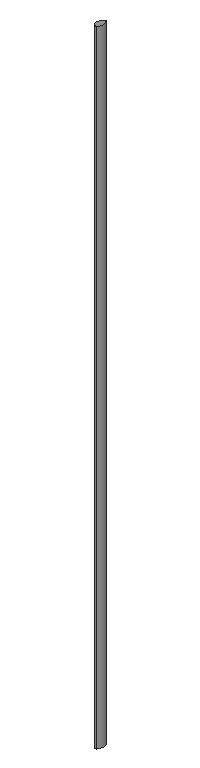
Revit family "Legrand Export Ovaline Column", category Installations électriques, Revit 2020
Family settings
  Conserver l'orientation des annotations = Non
  Cote de connecteur circulaire = Utiliser le diamètre
  Type d'élément = Normal
  Basée sur le plan de construction = Non
  Toujours verticalement = Oui
  Couper avec des vides une fois chargée = Non
  Partagée = Non
  Point de calcul de pièce = Non
Parameters (values of type "Tube Ovaline Column 3,2M")
  Standard = "Ovaline"
  Number of compartments = "Other"
  Modèle = "LG-653055"
  Main Material = "Aluminum"
  H1 [instance] = 3200 mm
  Finishing = "Aluminum"
  Fabricant = "LEGRAND"
  Elévation par défaut = 0 mm
  Description = "tube ovaline Column 3,2m"
  Caps Haut [instance] = and(Caps, H1 > 3199 mm)  # no
  Caps = no
Types (2, lengths in mm): name | Modèle | Description | Caps Haut | Caps
  Full Ovaline Column 3,2M | "LG-653054" | "full ovaline Column 3,2m  partition wall, cable output, fixing bracket" | yes | yes
  Tube Ovaline Column 3,2M | "LG-653055" | "tube ovaline Column 3,2m" | no | no
Reference planes
  plane 1 "Centre (avant/arrière)": y = 0
  plane 2: z = 0
  plane 3 "Centre (gauche/droite)": x = 0
  plane 4: z = 3200
  plane 5 "Bas Corps": z = 90
  plane 6 "Haut corps": z = 3110
  plane 7: z = 3200
  plane 8: z = 3201
Forms (mm)
  Extrusion 1, solid, material "Legrand - Aluminium gris"
    sketch origin (0, 0, 0) x (1, 0, 0) y (0, 1, 0)
      loop
        arc (-5, 27.5) -> (-16.5, 0) -> (-5, -27.5) r 38.63
        line (-5, -27.5) -> (5, -27.5)
        arc (5, -27.5) -> (16.5, 0) -> (5, 27.5) r 38.63
        line (5, 27.5) -> (-5, 27.5)
    from 0 to 3200
  Blend 2, solid, material "Legrand - PVC  Gris", visible <- "Caps"
    base sketch origin (0, 0, 0) x (1, 0, 0) y (0, 1, 0)
      loop
        arc (-10, 60) -> (-27.5, 0) -> (-10, -60) r 111.607
        arc (-10, -60) -> (0, -65) -> (10, -60) r 12.5
        arc (10, -60) -> (27.5, 0) -> (10, 60) r 111.607
        arc (10, 60) -> (0, 65) -> (-10, 60) r 12.5
    top sketch origin (0, 0, 0) x (1, 0, 0) y (0, 1, 0)
      loop
        arc (-6.405, -28.924) -> (0, -31.551) -> (6.405, -28.924) r 9.119
        arc (6.405, -28.924) -> (18.5, 0) -> (6.405, 28.924) r 40.63
        arc (6.405, 28.924) -> (0, 31.551) -> (-6.405, 28.924) r 9.119
        arc (-6.405, 28.924) -> (-18.5, 0) -> (-6.405, -28.924) r 40.63
    from 0 to 90
  Blend 3, solid, material "Legrand - PVC  Gris", visible <- "Caps Haut"
    base sketch origin (0, 0, 2700) x (0, -1, 0) y (1, 0, 0)
      loop
        arc (-60, -10) -> (0, -27.5) -> (60, -10) r 111.607
        arc (60, -10) -> (65, 0) -> (60, 10) r 12.5
        arc (60, 10) -> (0, 27.5) -> (-60, 10) r 111.607
        arc (-60, 10) -> (-65, 0) -> (-60, -10) r 12.5
    top sketch origin (0, 0, 2700) x (0, -1, 0) y (1, 0, 0)
      loop
        arc (28.924, -6.405) -> (31.551, 0) -> (28.924, 6.405) r 9.119
        arc (28.924, 6.405) -> (0, 18.5) -> (-28.924, 6.405) r 40.63
        arc (-28.924, 6.405) -> (-31.551, 0) -> (-28.924, -6.405) r 9.119
        arc (-28.924, -6.405) -> (0, -18.5) -> (28.924, -6.405) r 40.63
    from 500 to 410
  Extrusion 4, void
    sketch origin (0, 0, 0) x (1, 0, 0) y (0, 1, 0)
      loop
        line (-21.183, 49.931) -> (-21.183, -50.069) -> (23.817, -50.069) -> (23.817, 49.931) -> (-21.183, 49.931)
    from 3200 to 3201
Cuts and joins
  Extrusion 4 cuts Extrusion 1
  Extrusion 4 cuts Blend 2
Dimensions and locks
  locked: plane 5 "Bas Corps" to plane 2 at 90
  locked: plane 4 to plane 6 "Haut corps" at 90
  locked: plane 8 to plane 4 at 1
  "H1": plane 7 to plane 2
  aligned and locked: level to plane 2
  aligned and locked: plane 5 "Bas Corps" to Blend 2
  aligned and locked: Blend 3 to plane 6 "Haut corps"
  aligned and locked: plane 4 to Blend 3
  aligned and locked: Extrusion 4 to plane 7
  aligned and locked: plane 8 to Extrusion 4
  aligned and locked: plane 4 to Extrusion 1
  aligned and locked: Extrusion 1 to level
Automatic sketch dimensions
  plane 1 "Centre (avant/arrière)" to Extrusion 1 sketch curve = 0 mm  (x2)
  Extrusion 1 sketch curve to plane 3 "Centre (gauche/droite)" = 22.13 mm
  Extrusion 1 sketch curve to plane 3 "Centre (gauche/droite)" = 5 mm  (x2)
  plane 3 "Centre (gauche/droite)" to Extrusion 1 sketch curve = 5 mm
  plane 3 "Centre (gauche/droite)" to Extrusion 1 sketch curve = 22.13 mm
  plane 1 "Centre (avant/arrière)" to Extrusion 1 sketch curve = 27.5 mm
  plane 1 "Centre (avant/arrière)" to Blend 2 sketch curve = 0 mm  (x4)
  Blend 2 sketch curve to plane 3 "Centre (gauche/droite)" = 0 mm  (x4)
  Blend 2 sketch curve to plane 3 "Centre (gauche/droite)" = 84.107 mm
  plane 3 "Centre (gauche/droite)" to Blend 2 sketch curve = 84.107 mm
  plane 1 "Centre (avant/arrière)" to Blend 2 sketch curve = 52.5 mm
  Blend 2 sketch curve to plane 1 "Centre (avant/arrière)" = 52.5 mm
  Blend 2 sketch curve to plane 3 "Centre (gauche/droite)" = 10 mm  (x2)
  plane 3 "Centre (gauche/droite)" to Blend 2 sketch curve = 10 mm
  Blend 2 sketch curve to Blend 2 sketch curve = 7.5 mm
  Blend 2 sketch curve to plane 3 "Centre (gauche/droite)" = 22.13 mm
  plane 3 "Centre (gauche/droite)" to Blend 2 sketch curve = 22.13 mm
  plane 1 "Centre (avant/arrière)" to Blend 2 sketch curve = 22.432 mm
  Blend 2 sketch curve to plane 1 "Centre (avant/arrière)" = 22.432 mm
  Blend 2 sketch curve to plane 3 "Centre (gauche/droite)" = 6.405 mm  (x2)
  Blend 2 sketch curve to Blend 2 sketch curve = 0 mm  (x2)
  Blend 3 sketch curve to plane 3 "Centre (gauche/droite)" = 0 mm  (x4)
  plane 1 "Centre (avant/arrière)" to Blend 3 sketch curve = 0 mm  (x4)
  Blend 3 sketch curve to plane 1 "Centre (avant/arrière)" = 52.5 mm
  plane 1 "Centre (avant/arrière)" to Blend 3 sketch curve = 52.5 mm
  Blend 3 sketch curve to plane 3 "Centre (gauche/droite)" = 84.107 mm
  plane 3 "Centre (gauche/droite)" to Blend 3 sketch curve = 84.107 mm
  Blend 3 sketch curve to Blend 3 sketch curve = 7.5 mm  (x3)
  Blend 3 sketch curve to plane 3 "Centre (gauche/droite)" = 10 mm
  Blend 3 sketch curve to plane 1 "Centre (avant/arrière)" = 22.432 mm
  plane 1 "Centre (avant/arrière)" to Blend 3 sketch curve = 22.432 mm
  Blend 3 sketch curve to plane 3 "Centre (gauche/droite)" = 22.13 mm
  plane 3 "Centre (gauche/droite)" to Blend 3 sketch curve = 22.13 mm
  plane 3 "Centre (gauche/droite)" to Blend 3 sketch curve = 6.405 mm
  Blend 3 sketch curve to plane 3 "Centre (gauche/droite)" = 6.405 mm
  Blend 3 sketch curve to Blend 3 sketch curve = 0 mm  (x2)
  Extrusion 4 sketch curve to plane 3 "Centre (gauche/droite)" = 21.183 mm
  plane 3 "Centre (gauche/droite)" to Extrusion 4 sketch curve = 23.817 mm
  plane 1 "Centre (avant/arrière)" to Extrusion 4 sketch curve = 50.069 mm
  Extrusion 4 sketch curve to plane 1 "Centre (avant/arrière)" = 49.931 mm
